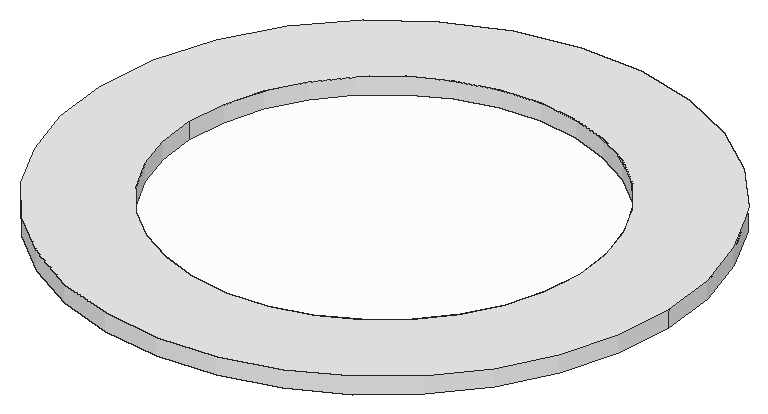
Revit family "TRISPOT LED EMERGENCY LIGHT TWT7651WK", category Lighting Fixtures, Revit 2015
Parameters (values of type "TWT7651WK")
  Width = 70 mm  # constant formula
  Wattage = 1.34642 W
  built-in parameter 1150110 = 1 (stored number, unit not read)
  URL = ""
  Type Image = <None>
  Type Comments = "TRISPOT"  # constant formula
  built-in parameter 1114217 = 1 (stored number, unit not read)
  Tilt Angle = 90.00°
  built-in parameter 1150109 = 1 (stored number, unit not read)
  built-in parameter 1150134 = 2
  built-in parameter 1150113 = 1 (stored number, unit not read)
  built-in parameter 1010507 = 1.5708 (stored number, unit not read)
  built-in parameter 1010506 = 0.5236 (stored number, unit not read)
  Product Code = "TWT7651WK"  # constant formula
  Mounting Height [instance] = 2297 mm
  Model = ""
  Manufacturer = "Teknoware Oy"  # constant formula
  built-in parameter 1150105 = 668.71 (stored number, unit not read)
  Lumens = 200 lm
  built-in parameter 1150115 = 1 (stored number, unit not read)
  Light Source Symbol Length = 2350 mm
  Light Source Location [instance] = Mounting Height  # 2297 mm
  built-in parameter 1150137 = (empty or 0)
  built-in parameter 1150139 = (empty or 0)
  built-in parameter 1150112 = 1 (stored number, unit not read)
  built-in parameter 1150114 = 1 (stored number, unit not read)
  Keynote = "23"
  built-in parameter 1150132 = 2
  built-in parameter 1150102 = (empty or 0)
  built-in parameter 1150107 = 5000 (stored number, unit not read)
  built-in parameter 1150138 = (empty or 0)
  built-in parameter 1150106 = 6.6871 (stored number, unit not read)
  Height = 57 mm  # constant formula
  built-in parameter 1150104 = 13.8 (stored number, unit not read)
  Dimming Lamp Color Temperature Shift = <None>
  Description = ""
  Depth = 70 mm  # constant formula
  Color Filter = 16777215
  Color = RAL9003
  Body Material = Plastic
  built-in parameter 1114218 = 1 (stored number, unit not read)
  built-in parameter 1150133 = 10 (stored number, unit not read)
Reference planes
  plane 1 "Light Source Axis (F/B)": y = 0
  plane 2 "Floor": z = 0
  plane 3 "Light Source Axis (L/R)": x = 0
  plane 4 "Light Source Elevation": z = 2295
  plane 5: x = -35
  plane 6: x = 35
  plane 7: y = -35
  plane 8: y = 35
  plane 9 "Top": z = 2352
  plane 10 "Center (Elevation)": z = 2323.5
  plane 11: z = 2304.519
  plane 12: z = 2297
Dimensions and locks
  "Mounting Height": plane 12 to plane 2 "Floor"
  equal spacing: plane 5, plane 3 "Light Source Axis (L/R)", plane 6
  equal spacing: plane 8, plane 1 "Light Source Axis (F/B)", plane 7
  "Depth": plane 8 to plane 7
  "Width": plane 5 to plane 6
  equal spacing: plane 9 "Top", plane 10 "Center (Elevation)", plane 4 "Light Source Elevation"
  "Height": plane 9 "Top" to plane 4 "Light Source Elevation"
  locked: plane 9 "Top" to plane 11 at 47.481
  plane 12 to plane 4 "Light Source Elevation" = 2 mm
  aligned and locked: level to plane 2 "Floor"
  aligned and locked: plane 1 "Light Source Axis (F/B)" to nested 1
  aligned and locked: imposter light to plane 1 "Light Source Axis (F/B)"
  aligned and locked: plane 3 "Light Source Axis (L/R)" to imposter light
  aligned and locked: plane 1 "Light Source Axis (F/B)" to nested 2
  aligned and locked: plane 3 "Light Source Axis (L/R)" to nested 2
  aligned and locked: plane 3 "Light Source Axis (L/R)" to nested 1
  aligned and locked: plane 12 to nested 1
Nested families
  nested 1: "TWT7651WK runko" at (565, 265, 2295), type "TWT7651WK runko"
  nested 2: "Teknoware 2D DET_pyöreä" at (0, 0, 0), Depth <- "Depth", Width <- "Width", type "Teknoware 2D DET_pyöreä"
    with Width 70 mm, Depth 70 mm
Definition of nested family "TWT7651WK runko"
  Parameters (values of type "TWT7651WK runko")
    Length = 70 mm  # constant formula
    Width = 70 mm  # constant formula
    Height = 57 mm  # constant formula
    Color = none
    Body Material = none
  Reference planes
    plane 1 "Center (Front/Back)": y = -265
    plane 2 "Bottom": z = 0
    plane 3 "Center (Left/Right)": x = -565
    plane 4 "Left": x = -600
    plane 5 "Right": x = -530
    plane 6 "Front": y = -300
    plane 7 "Back": y = -230
    plane 8 "Top": z = 57
    plane 9 "Center (Elevation)": z = 28.5
    plane 10: z = 2
  Forms (mm)
    Extrusion 1, solid, material <- "Body Material"
      sketch origin (0, 0, 0) x (1, 0, 0) y (0, 1, 0)
        loop
          circle (-565, -265) r 35
        loop
          circle (-565, -265) r 24
      from 0 to 2
    Extrusion 2, solid
      sketch origin (0, 0, 0) x (1, 0, 0) y (0, 1, 0)
        loop
          circle (-565, -265) r 24
      from 0 to 2
  Dimensions and locks
    equal spacing: plane 4 "Left", plane 3 "Center (Left/Right)", plane 5 "Right"
    equal spacing: plane 7 "Back", plane 1 "Center (Front/Back)", plane 6 "Front"
    equal spacing: plane 8 "Top", plane 9 "Center (Elevation)", plane 2 "Bottom"
    "Height": plane 8 "Top" to plane 2 "Bottom"
    "Length": plane 4 "Left" to plane 5 "Right"
    "Width": plane 7 "Back" to plane 6 "Front"
    locked: plane 10 to plane 2 "Bottom" at 2
    aligned and locked: level to plane 2 "Bottom"
    aligned and locked: plane 10 to Extrusion 1
    aligned and locked: plane 10 to Extrusion 2
    aligned and locked: plane 1 "Center (Front/Back)" to Extrusion 1 sketch curve
    aligned and locked: plane 5 "Right" to Extrusion 1 sketch curve
    aligned and locked: Extrusion 2 sketch curve to Extrusion 1
  Automatic sketch dimensions
    Extrusion 1 sketch curve to plane 4 "Left" = 0 mm
    Extrusion 1 sketch curve to Extrusion 1 sketch curve = 0 mm  (x2)
    plane 4 "Left" to Extrusion 1 sketch curve = 11 mm
Definition of nested family "Teknoware 2D DET_pyöreä"
  Parameters (values of type "Teknoware 2D DET_pyöreä")
    Width [instance] = 100 mm
    Depth [instance] = Width  # 100 mm
  Reference planes
    plane 1 "Center (Front/Back)": y = 0
    plane 2: z = 0
    plane 3 "Center (Left/Right)": x = 0
    plane 4: x = -50
    plane 5: x = 50
    plane 6: y = -50
    plane 7: y = 50
  Lines and regions (mm)
    detail lines, in view "Ref. Level"
      curve 1: line (0, 0, 0) -> (35.355, 35.355, 0)
      curve 2: line (-35.355, 35.355, 0) -> (0, 0, 0)
      curve 3: arc (-50, 0, 0) -> (0, 50, 0) -> (50, 0, 0) r 50
      curve 4: arc (-50, 0, 0) -> (0, -50, 0) -> (50, 0, 0) r 50
      curve 5: line (0, 0, 0) -> (35.355, -35.355, 0)
      curve 6: line (-35.355, -35.355, 0) -> (0, 0, 0)
  Dimensions and locks
    equal spacing: plane 7, plane 1 "Center (Front/Back)", plane 6
    equal spacing: plane 4, plane 3 "Center (Left/Right)", plane 5
    "Depth": plane 7 to plane 6
    "Width": plane 4 to plane 5
    angle plane 3 "Center (Left/Right)" to curve 2 = 45.00°
    angle curve 1 to plane 3 "Center (Left/Right)" = 45.00°
    locked: curve 6 to plane 3 "Center (Left/Right)" (angle 45.00°)
    locked: plane 3 "Center (Left/Right)" to curve 5 (angle 45.00°)
    aligned and locked: plane 4 to curve 3
    aligned and locked: plane 1 "Center (Front/Back)" to curve 3
    aligned and locked: plane 3 "Center (Left/Right)" to curve 3
  Automatic sketch dimensions
    curve 2 to plane 3 "Center (Left/Right)" = 0 mm
    plane 1 "Center (Front/Back)" to curve 6 = 0 mm
